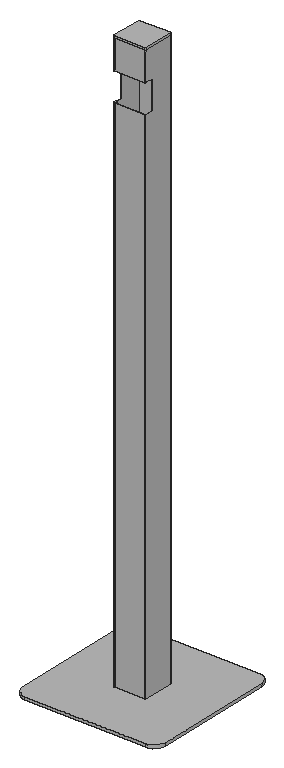
Revit family "Magnuson-Fum-Ashtray", category Furniture, Revit 2014
Parameters (values of type "FUM-W")
  Width = 9"
  URL = "www.magnusongroup.com"
  Type Comments = "FUM"  # constant formula
  Top Finish = MAG - Anodized Silver
  Model = "FUM-W"
  Manufacturer = "Magnuson Group"  # constant formula
  Keynote = "12500"
  Height = 26 1/8"
  Glide Finish = MAG - Plastic Black
  Description = "AshTray"
  Depth = 18"
  Cost = 0  # constant formula
  Body Finish = MAG - Anodized Silver
  Base Finish = MAG - Anodized Silver
  Assembly Code = "E2020200"
Reference planes (in)
  plane 1 "Center (Front/Back)": y = 0
  plane 2: z = 0
  plane 3 "Center (Left/Right)": x = 0
  plane 4: z = 0.19685
  plane 5: z = 39.68504
  plane 6: z = 39.56693
Forms (in)
  Extrusion 1, solid, material "MAG - Anodized Silver" <- "Base Finish"
    sketch origin (0, 0, 0) x (1, 0, 0) y (0, 1, 0)
      loop
        arc (-4.07283, 4.82283) -> (-4.60316, 4.60316) -> (-4.82283, 4.07283) r 0.75
        line (-4.82283, 4.07283) -> (-4.82283, -4.07283)
        arc (-4.82283, -4.07283) -> (-4.60316, -4.60316) -> (-4.07283, -4.82283) r 0.75
        line (-4.07283, -4.82283) -> (4.07283, -4.82283)
        arc (4.07283, -4.82283) -> (4.60316, -4.60316) -> (4.82283, -4.07283) r 0.75
        line (4.82283, -4.07283) -> (4.82283, 4.07283)
        arc (4.82283, 4.07283) -> (4.60316, 4.60316) -> (4.07283, 4.82283) r 0.75
        line (4.07283, 4.82283) -> (-4.07283, 4.82283)
    from 0 to 0.19685
  Extrusion 2, solid, material "MAG - Anodized Silver" <- "Body Finish"
    sketch origin (0, 0, 0) x (1, 0, 0) y (0, 1, 0)
      loop
        arc (-1.02018, 1.08268) -> (-1.06437, 1.06437) -> (-1.08268, 1.02018) r 0.0625
        line (-1.08268, 1.02018) -> (-1.08268, -1.02018)
        arc (-1.08268, -1.02018) -> (-1.06437, -1.06437) -> (-1.02018, -1.08268) r 0.0625
        line (-1.02018, -1.08268) -> (1.02018, -1.08268)
        arc (1.02018, -1.08268) -> (1.06437, -1.06437) -> (1.08268, -1.02018) r 0.0625
        line (1.08268, -1.02018) -> (1.08268, 1.02018)
        arc (1.08268, 1.02018) -> (1.06437, 1.06437) -> (1.02018, 1.08268) r 0.0625
        line (1.02018, 1.08268) -> (-1.02018, 1.08268)
      loop
        line (-1.02362, 1.02362) -> (-1.02362, -1.02362) -> (1.02362, -1.02362) -> (1.02362, 1.02362) -> (-1.02362, 1.02362)
    from 0.19685 to 39.56693
  Extrusion 3, void
    sketch origin (0, 0, 0) x (0, 1, 0) y (0, 0, 1)
      loop
        line (-0.49213, 37.59843) -> (-1.08268, 37.59843) -> (-1.08268, 35.62992) -> (-0.49213, 35.62992) -> (-0.49213, 37.59843)
    from -1.08268 to 1.08268
  Extrusion 4, solid, material "MAG - Anodized Silver" <- "Top Finish"
    sketch origin (0, 5.58268, 39.56693) x (0, 1, 0) y (-1, 0, 0)
      loop
        line (-4.5625, 1.08268) -> (-6.60285, 1.08268)
        arc (-6.60285, 1.08268) -> (-6.64705, 1.06437) -> (-6.66535, 1.02018) r 0.0625
        line (-6.66535, 1.02018) -> (-6.66535, -1.02018)
        arc (-6.66535, -1.02018) -> (-6.64705, -1.06437) -> (-6.60285, -1.08268) r 0.0625
        line (-6.60285, -1.08268) -> (-4.5625, -1.08268)
        arc (-4.5625, -1.08268) -> (-4.51831, -1.06437) -> (-4.5, -1.02018) r 0.0625
        line (-4.5, -1.02018) -> (-4.5, 1.02018)
        arc (-4.5, 1.02018) -> (-4.51831, 1.06437) -> (-4.5625, 1.08268) r 0.0625
    from 0 to 0.11811
Cuts and joins
  Extrusion 3 cuts Extrusion 2
Lines and regions (in)
  symbolic lines, style "FurnitureHiddenLines"
    curve 1: line (4.07283, 4.82283, 39.56693) -> (-4.07283, 4.82283, 39.56693)
    curve 2: arc (-4.07283, 4.82283, 39.56693) -> (-4.60316, 4.60316, 39.56693) -> (-4.82283, 4.07283, 39.56693) r 0.75
    curve 3: line (-4.82283, 4.07283, 39.56693) -> (-4.82283, -4.07283, 39.56693)
    curve 4: arc (-4.82283, -4.07283, 39.56693) -> (-4.60316, -4.60316, 39.56693) -> (-4.07283, -4.82283, 39.56693) r 0.75
    curve 5: line (-4.07283, -4.82283, 39.56693) -> (4.07283, -4.82283, 39.56693)
    curve 6: arc (4.07283, -4.82283, 39.56693) -> (4.60316, -4.60316, 39.56693) -> (4.82283, -4.07283, 39.56693) r 0.75
    curve 7: line (4.82283, -4.07283, 39.56693) -> (4.82283, 4.07283, 39.56693)
    curve 8: arc (4.82283, 4.07283, 39.56693) -> (4.60316, 4.60316, 39.56693) -> (4.07283, 4.82283, 39.56693) r 0.75
    curve 9: line (-1.02018, -1.08268, 39.56693) -> (1.02018, -1.08268, 39.56693)
    curve 10: arc (1.02018, -1.08268, 39.56693) -> (1.06437, -1.06437, 39.56693) -> (1.08268, -1.02018, 39.56693) r 0.0625
    curve 11: line (1.08268, -1.02018, 39.56693) -> (1.08268, 1.02018, 39.56693)
    curve 12: arc (1.08268, 1.02018, 39.56693) -> (1.06437, 1.06437, 39.56693) -> (1.02018, 1.08268, 39.56693) r 0.0625
    curve 13: line (1.02018, 1.08268, 39.56693) -> (-1.02018, 1.08268, 39.56693)
    curve 14: arc (-1.02018, 1.08268, 39.56693) -> (-1.06437, 1.06437, 39.56693) -> (-1.08268, 1.02018, 39.56693) r 0.0625
    curve 15: line (-1.08268, 1.02018, 39.56693) -> (-1.08268, -1.02018, 39.56693)
    curve 16: arc (-1.08268, -1.02018, 39.56693) -> (-1.06437, -1.06437, 39.56693) -> (-1.02018, -1.08268, 39.56693) r 0.0625
Dimensions and locks (in)
  locked: plane 4 to plane 2 at 0.19685
  Extrusion 2 sketch curve to Extrusion 2 sketch curve to plane 3 "Center (Left/Right)" to Extrusion 2 sketch curve to Extrusion 2 sketch curve = 0.05906" locked, 1.02362" locked, 1.02362" locked, 0.05906" locked
  Extrusion 2 sketch curve to Extrusion 2 sketch curve to plane 1 "Center (Front/Back)" to Extrusion 2 sketch curve to Extrusion 2 sketch curve = 0.05906" locked, 1.02362" locked, 1.02362" locked, 0.05906" locked
  Extrusion 1 sketch curve to plane 3 "Center (Left/Right)" to Extrusion 1 sketch curve = 4.82283" locked, 4.82283" locked
  Extrusion 1 sketch curve to plane 1 "Center (Front/Back)" to Extrusion 1 sketch curve = 4.82283" locked, 4.82283" locked
  locked: plane 5 to plane 6 at 0.11811
  aligned and locked: level to plane 2
  aligned and locked: plane 4 to Extrusion 1
  aligned and locked: plane 6 to Extrusion 2
  aligned and locked: Extrusion 2 to plane 4
  aligned and locked: Extrusion 2 to Extrusion 3
  aligned and locked: Extrusion 3 to Extrusion 2
  aligned and locked: Extrusion 4 sketch curve to cut or joined group of Extrusion 2, Extrusion 3  (x8)
  aligned and locked: Extrusion 4 to plane 6
  aligned and locked: plane 5 to Extrusion 4
  aligned and locked: curve 1 to Extrusion 1
  aligned and locked: curve 2 to Extrusion 1
  aligned and locked: curve 3 to Extrusion 1
  aligned and locked: curve 4 to Extrusion 1
  aligned and locked: curve 5 to Extrusion 1
  aligned and locked: curve 6 to Extrusion 1
  aligned and locked: curve 7 to Extrusion 1
  aligned and locked: curve 8 to Extrusion 1
  aligned and locked: curve 9 to cut or joined group of Extrusion 2, Extrusion 3
  aligned and locked: curve 10 to cut or joined group of Extrusion 2, Extrusion 3
  aligned and locked: curve 11 to cut or joined group of Extrusion 2, Extrusion 3
  aligned and locked: curve 12 to cut or joined group of Extrusion 2, Extrusion 3
  aligned and locked: curve 13 to cut or joined group of Extrusion 2, Extrusion 3
  aligned and locked: curve 14 to cut or joined group of Extrusion 2, Extrusion 3
  aligned and locked: curve 15 to cut or joined group of Extrusion 2, Extrusion 3
  aligned and locked: curve 16 to cut or joined group of Extrusion 2, Extrusion 3
